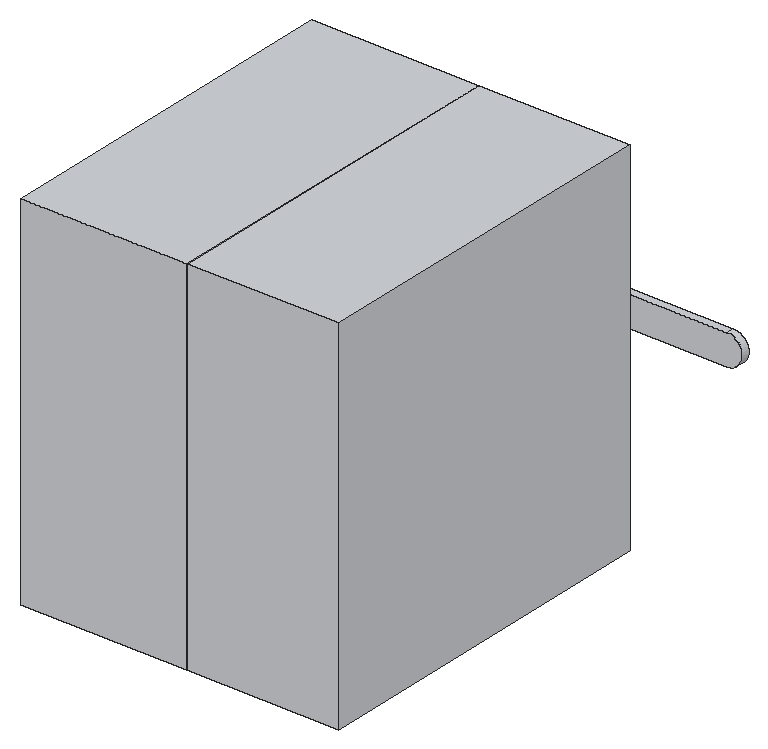
Revit family "Fire Volume Damper - Rectangular Fitting", category Duct Fittings, Revit 2025
Family settings
  Round Connector Dimension = Use Diameter
  Part Type = Tap - Adjustable
  OmniClass Number = 23.75.70.14
  OmniClass Title = Air Ductwork
  Work Plane-Based = No
  Always vertical = Yes
  Cut with Voids When Loaded = No
  Shared = No
Parameters (values of type "Type B")
  built-in parameter 1114215 [instance] = 0.33333 (stored number, unit not read)
  built-in parameter 1114214 [instance] = 1"
  built-in parameter 1114213 [instance] = 1.2708 (stored number, unit not read)
  Width [instance] = 12"
  Height [instance] = 12"
  Default Elevation = 0"
  B Length = 5"
  Assembly Code = ""
  A Length = 4 1/2"
Types (2): name | built-in parameter 1114214 | B Length | A Length
  Type A | 12" | 8" | 7 1/4"
  Type B | 1" | 5" | 4 1/2"
Reference planes (in)
  plane 1 "Center (Front/Back)": y = 0
  plane 2: z = 0
  plane 3 "Center (Left/Right)": x = 0
  plane 4 "top": x = 4.5
  plane 5: x = -1
  plane 6: z = 6
  plane 7: z = -6
  plane 8: x = 9.5
  plane 9 "front": y = 6
  plane 10 "back": y = -6
  plane 11 "handle": y = 7.5
Forms (in)
  Blend 1, solid
    base sketch origin (0, 0, 0) x (0, 1, 0) y (0, 0, 1)
      loop
        line (-6, 6) -> (-6, -6) -> (6, -6) -> (6, 6) -> (-6, 6)
    top sketch origin (0, 0, 0) x (0, 1, 0) y (0, 0, 1)
      loop
        line (-6, 6) -> (-6, -6) -> (6, -6) -> (6, 6) -> (-6, 6)
    from 0 to 4.5
  Sweep 2, solid
    path in 3D
      loop
        line (-1, 0, 0) -> (0, 0, 0)
    profile "Duct - Rectangular : Duct - Rectangular" origin (-0.5, 0, 0) x (0, 1, 0) y (0, 0, 1)
      loop
        line (-6, 6) -> (-6, -6) -> (6, -6) -> (6, 6) -> (-6, 6)
  Extrusion 3, solid
    sketch origin (4.5, 0, 0) x (0, 1, 0) y (0, 0, 1)
      loop
        line (-6, 6) -> (-6, -6) -> (6, -6) -> (6, 6) -> (-6, 6)
    from 0 to 5
  Sweep 4, solid
    path origin (0, 0, 0) x (1, 0, 0) y (0, 1, 0)
      loop
        line (7, 7.5) -> (7, 3)
    profile origin (7, 5.25, 0) x (1, 0, 0) y (0, 0, 1)
      loop
        circle (0, 0) r 0.25
  Sweep 5, solid
    path origin (0, 0, 0) x (1, 0, 0) y (0, 1, 0)
      loop
        line (7, 7.5) -> (7, 7.75)
    profile origin (7, 7.625, 0) x (-1, 0, 0) y (0, 0, 1)
      loop
        line (0.01971, 0.5) -> (-4.5, 0.5)
        arc (-4.5, 0.5) -> (-5, 0) -> (-4.5, -0.5) r 0.5
        line (-4.5, -0.5) -> (0.01971, -0.5)
        arc (0.01971, -0.5) -> (0.51971, 0) -> (0.01971, 0.5) r 0.5
Cuts and joins
  joined: Blend 1, Sweep 2
  joined: Extrusion 3, Sweep 4
Lines and regions (in)
  model lines, style "DuctFitting", not visible, detail levels coarse
    curve 1: line (0, 0, 0) -> (4.5, 0, 0)
  reference lines
    curve 2: line (-1, 0, 0) -> (0, 0, 0)
  sketch lines
    curve 3: line (-1, 0, 0) -> (0, 0, 0)
  symbolic lines
    curve 4: line (7, 6, 0) -> (7, -6, 0)
    curve 5: line (0, 6, 0) -> (4.5, 3.5, 0)
    curve 6: line (0, 6, 0) -> (4.5, 0, 0)
    curve 7: line (0, -6, 0) -> (4.5, -3.5, 0)
    curve 8: line (0, -6, 0) -> (4.5, 0, 0)
    curve 9: line (0, 6, 6) -> (4.5, 6, 0)
    curve 10: line (4.5, 6, 0) -> (0, 6, -6)
    curve 11: line (0, 6, 6) -> (4.5, 6, 3.5)
    curve 12: line (0, 6, -6) -> (4.5, 6, -3.5)
    curve 13: line (0, -6, 6) -> (4.5, -6, 0)
    curve 14: line (0, -6, -6) -> (4.5, -6, 0)
    curve 15: line (0, -6, 6) -> (4.5, -6, 3.5)
    curve 16: line (0, -6, -6) -> (4.5, -6, -3.5)
Dimensions and locks (in)
  "built-in parameter 1114214": plane 5 to plane 3 "Center (Left/Right)"
  equal spacing: plane 6, level, plane 7
  locked: plane 6 to plane 7 at 12
  equal spacing: Blend 1 sketch curve, plane 1 "Center (Front/Back)", Blend 1 sketch curve  (x2)
  "Width": Blend 1 sketch curve to Blend 1 sketch curve  (x2)
  equal spacing: Blend 1 sketch curve, plane 2, Blend 1 sketch curve  (x2)
  "Height": Blend 1 sketch curve to Blend 1 sketch curve  (x2)
  "B Length": plane 4 "top" to plane 8
  "A Length": plane 3 "Center (Left/Right)" to plane 4 "top"
  equal spacing: plane 4 "top", curve 4, plane 8
  equal spacing: plane 9 "front", plane 1 "Center (Front/Back)", plane 10 "back"
  plane 11 "handle" to plane 9 "front" = 1 1/2"
  "Width": plane 9 "front" to plane 10 "back"
  plane 9 "front" to curve 5 = 2 1/2"
  equal spacing: Extrusion 3 sketch curve, plane 2, Extrusion 3 sketch curve
  equal spacing: Extrusion 3 sketch curve, plane 1 "Center (Front/Back)", Extrusion 3 sketch curve
  "Width": Extrusion 3 sketch curve to Extrusion 3 sketch curve
  "Height": Extrusion 3 sketch curve to Extrusion 3 sketch curve
  aligned and locked: plane 3 "Center (Left/Right)" to curve 1
  aligned and locked: plane 1 "Center (Front/Back)" to curve 1
  aligned and locked: plane 4 "top" to Blend 1
  aligned and locked: plane 3 "Center (Left/Right)" to curve 2
  aligned and locked: plane 5 to curve 2
  aligned and locked: plane 1 "Center (Front/Back)" to curve 2
  aligned and locked: plane 8 to Extrusion 3
  aligned and locked: plane 9 "front" to curve 4
  aligned and locked: plane 10 "back" to curve 4
  aligned and locked: plane 11 "handle" to Sweep 4 sketch curve
  aligned and locked: Blend 1 to plane 3 "Center (Left/Right)"
  aligned and locked: Sweep 4 sketch curve to curve 4
  aligned and locked: curve 4 to Sweep 5 sketch curve
  aligned and locked: plane 4 "top" to curve 11
Automatic sketch dimensions
  curve 8 to plane 3 "Center (Left/Right)" = 0"
  curve 6 to plane 3 "Center (Left/Right)" = 0"
  curve 8 to plane 4 "top" = 0"
  curve 7 to plane 4 "top" = 0"
  curve 5 to plane 4 "top" = 0"
  curve 8 to plane 10 "back" = 0"
  curve 6 to plane 9 "front" = 0"
  plane 10 "back" to curve 7 = 2 1/2"
  Sweep 4 sketch curve to plane 1 "Center (Front/Back)" = 3"
  Sweep 4 sketch curve to level = 0"
  profile plane to Sweep 4 sketch curve = 0"
  Sweep 5 sketch curve to plane 11 "handle" = 0"
  Sweep 5 sketch curve to Sweep 5 sketch curve = 1/4"
  Sweep 5 sketch curve to level = 0"
  level to Sweep 5 sketch curve = 1/2"
  profile plane to Sweep 5 sketch curve = 4 1/2"
  Sweep 5 sketch curve to profile plane = 0.01971"
  curve 9 to level = 0"
  curve 9 to plane 4 "top" = 0"
  curve 12 to plane 4 "top" = 0"
  curve 11 to plane 3 "Center (Left/Right)" = 0"
  curve 12 to plane 3 "Center (Left/Right)" = 0"
  curve 12 to plane 7 = 0"
  curve 11 to plane 6 = 0"
  plane 7 to curve 12 = 2 1/2"
  curve 11 to plane 6 = 2 1/2"
  curve 13 to level = 0"
  curve 13 to plane 4 "top" = 0"
  curve 15 to plane 4 "top" = 0"
  curve 16 to plane 4 "top" = 0"
  curve 15 to plane 3 "Center (Left/Right)" = 0"
  curve 16 to plane 3 "Center (Left/Right)" = 0"
  curve 16 to plane 7 = 0"
  curve 15 to plane 6 = 0"
  plane 7 to curve 16 = 2 1/2"
  curve 15 to plane 6 = 2 1/2"
  radius of Sweep 4 sketch curve = 1/4"
Connectors (in)
  hvac at (0, 0, 0), driven by "Height", driven by "Width"
    settings: on cut or joined group of Blend 1, Sweep 2, index 0, duct flow 0 CFM, flow factor 0, pres drop 0.00 in-wg, loss coef 0, conn angle 0.00°, conn width 12", conn height 12", conn diameter 24", duct sys type 28, conn prof type 1, flow config 0, flow direction 0, loss method 0, conn ref index 1, conn util no, is conn primary yes, conn desc ""
  hvac at (9.5, 0, 0), driven by "Height", driven by "Width"
    settings: on Extrusion 3, index 1, duct flow 0 CFM, flow factor 0, pres drop 0.00 in-wg, loss coef 0, conn angle 0.00°, conn width 12", conn height 12", conn diameter 12", duct sys type 28, conn prof type 1, flow config 0, flow direction 0, loss method 0, conn ref index 0, conn util no, is conn primary no, conn desc ""
